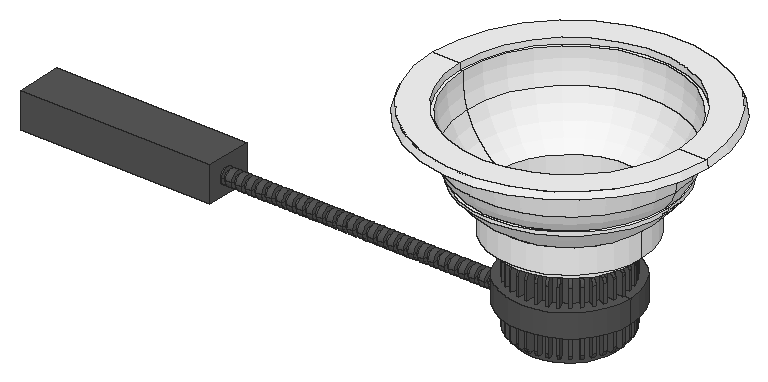
Revit family "LBRP-8RD", category Lighting Fixtures, host Face, Revit 2021
Family settings
  Host = Face
  Round Connector Dimension = Use Diameter
  Part Type = Normal
  OmniClass Number = 23.80.70.11.14.17
  OmniClass Title = Direct/Indirect
  Cut with Voids When Loaded = No
  Light Source = Yes
  Shared = Yes
  Room Calculation Point = No
Parameters (values of type "LBRP-8RD")
  Heat Sink = Black
  A = 7.15"
  Wattage = 31.6 W
  Warranty = "5-Years Warranty"
  built-in parameter 1150110 = 1 (stored number, unit not read)
  Voltage = 120 V
  D = 6.65"
  C = 0.20"
  built-in parameter 1114217 = 1 (stored number, unit not read)
  Tilt Angle = -90.00°
  built-in parameter 1150109 = 1 (stored number, unit not read)
  built-in parameter 1150134 = (empty or 0)
  built-in parameter 1150113 = 1 (stored number, unit not read)
  Product Documentation Link = ""
  Power Factor = 0.9
  Photometric Web Link = ""
  Photometric Web File = "LBRP-M-LSHL30K9_LBRP-8RD-T-D_3000lm.IES"
  Photometric Notes = "More IES files download on Photometric Web Link"  # constant formula
  zz Length 1 = 48.00"
  Wattage Comments = " 9.6 - 55 W"  # constant formula
  URL = "https://www.currentlighting.com/prescolite"
  Product Page URL = ""
  Model = "LBRP"  # constant formula
  Manufacturer = "Prescolite Lighting"  # constant formula
  built-in parameter 1150105 = 251.46 (stored number, unit not read)
  Lumens = 3160 lm
  built-in parameter 1150115 = 1 (stored number, unit not read)
  Load Classification = Lighting
  built-in parameter 1150137 = (empty or 0)
  built-in parameter 1150139 = (empty or 0)
  built-in parameter 1150112 = 1 (stored number, unit not read)
  built-in parameter 1150114 = 1 (stored number, unit not read)
  Lamp = "LED's"  # constant formula
  built-in parameter 1150132 = (empty or 0)
  built-in parameter 1150102 = (empty or 0)
  built-in parameter 1150107 = 3500 (stored number, unit not read)
  built-in parameter 1150138 = (empty or 0)
  built-in parameter 1150106 = 2.5146 (stored number, unit not read)
  Glass = White Glass
  Emit from Circle Diameter = 7.50"
  Emit Shape Visible in Rendering = no
  built-in parameter 1150104 = 9.2903 (stored number, unit not read)
  Dimming Lamp Color Temperature Shift = <None>
  Description = "PRO CANLESS DIRECT INSTALL DOWNLIGHT\r"  # constant formula
  Default Elevation = 48.00"
  Contact Us = ""
  Color Filter = 16777215
  built-in parameter 1114218 = 1 (stored number, unit not read)
  Housing Material = Paint - Matte White
  B = 9.10"
  built-in parameter 1150133 = 10 (stored number, unit not read)
  Assembly Code = "D5020200"
  Apparent Load = 11.5 VA
Reference planes (in)
  plane 1 "Center (Front/Back)": y = 13.01342
  plane 2: z = 0
  plane 3 "Center (Left/Right)": x = 0
  plane 4: z = 0.2
  plane 5: z = -6.45
  plane 6: x = 4.55
  plane 7: x = -4.55
  plane 8: x = -3.575
  plane 9: x = 3.575
Forms (in)
  Revolve 1, solid, material "Paint - Matte White" <- "Housing Material"
    sketch origin (0, 13.01342, 0) x (1, 0, 0) y (0, 0, 1)
      loop
        arc (3.47009, 0) -> (3.47106, -0.54731) -> (3.35787, -1.08278) r 2.60995
        arc (3.35787, -1.08278) -> (2.93439, -1.88164) -> (2.26374, -2.48807) r 2.60995
        line (2.26374, -2.48807) -> (2.26374, -3.31765) -> (2.01374, -3.31765) -> (2.01374, -3.52856) -> (0, -3.52856) -> (0, -3.64572) -> (2.11374, -3.64572) -> (2.11374, -3.41765) -> (2.36374, -3.41765) -> (2.36374, -2.60515)
        arc (2.36374, -2.60515) -> (2.80436, -2.24377) -> (3.15966, -1.79823) r 2.70995
        line (3.15966, -1.79823) -> (3.20678, -1.79823) -> (3.20678, -1.69035) -> (3.12368, -1.69035)
        arc (3.12368, -1.69035) -> (3.31807, -1.41895) -> (3.453, -1.11361) r 1.62762
        arc (3.453, -1.11361) -> (3.56997, -0.56295) -> (3.57065, 0) r 2.70995
        line (3.57065, 0) -> (3.47009, 0)
      axis (0, 0) -> (0, -3.64572)
    angle from 0 to 360
  Revolve 2, solid, material "Paint - Matte White" <- "Housing Material"
    sketch origin (0, 13.01342, 0) x (1, 0, 0) y (0, 0, 1)
      loop
        line (3.575, 0.2) -> (3.575, 0) -> (4.55, 0) -> (4.45674, 0.2) -> (3.575, 0.2)
      axis (0, 0.2) -> (0, 0)
    angle from 0 to 360
  Revolve 3, solid, material "Black" <- "Heat Sink"
    sketch origin (0, 13.01342, 0) x (1, 0, 0) y (0, 0, 1)
      loop
        line (1.50583, -3.64783) -> (0.86374, -3.64783) -> (0, -3.64783) -> (0, -6.45) -> (1.50583, -6.45) -> (1.50583, -5.46486) -> (2.00583, -5.46486) -> (2.00583, -4.71486) -> (1.50583, -4.71486) -> (1.50583, -3.64783)
      axis (0, -3.64783) -> (0, -6.45)
    angle from 0 to 360
  Extrusion 4, solid, material "Black" <- "Heat Sink"
    sketch origin (-1.46875, 13.01342, 0) x (1, 0, 0) y (0, 0, 1)
      loop
        line (2.88083, -4.71486) -> (3.25583, -4.71486) -> (3.25583, -4.12939)
        arc (3.25583, -4.12939) -> (3.20764, -4.01305) -> (3.0913, -3.96486) r 0.16453
        line (3.0913, -3.96486) -> (2.88083, -3.96486) -> (2.88083, -4.71486)
      loop
        line (2.88083, -5.46434) -> (2.88083, -6.27684) -> (3.0913, -6.27684)
        arc (3.0913, -6.27684) -> (3.20764, -6.22865) -> (3.25583, -6.11231) r 0.16453
        line (3.25583, -6.11231) -> (3.25583, -5.46434) -> (2.88083, -5.46434)
    from -0.0248 to 0.04965
  Extrusion 5, solid, material "Black" <- "Heat Sink"
    sketch origin (0, 13.01342, 0) x (0.984808, -0.173648, 0) y (0, 0, 1)
      loop
        line (1.38083, -4.71486) -> (1.75583, -4.71486) -> (1.75583, -4.12939)
        arc (1.75583, -4.12939) -> (1.70764, -4.01305) -> (1.5913, -3.96486) r 0.16453
        line (1.5913, -3.96486) -> (1.38083, -3.96486) -> (1.38083, -4.71486)
      loop
        line (1.38083, -5.46434) -> (1.38083, -6.27684) -> (1.5913, -6.27684)
        arc (1.5913, -6.27684) -> (1.70764, -6.22865) -> (1.75583, -6.11231) r 0.16453
        line (1.75583, -6.11231) -> (1.75583, -5.46434) -> (1.38083, -5.46434)
    from -0.0248 to 0.04965
  Extrusion 6, solid, material "Black" <- "Heat Sink"
    sketch origin (0, 13.01342, 0) x (0.939693, -0.34202, 0) y (0, 0, 1)
      loop
        line (1.38083, -4.71486) -> (1.75583, -4.71486) -> (1.75583, -4.12939)
        arc (1.75583, -4.12939) -> (1.70764, -4.01305) -> (1.5913, -3.96486) r 0.16453
        line (1.5913, -3.96486) -> (1.38083, -3.96486) -> (1.38083, -4.71486)
      loop
        line (1.38083, -5.46434) -> (1.38083, -6.27684) -> (1.5913, -6.27684)
        arc (1.5913, -6.27684) -> (1.70764, -6.22865) -> (1.75583, -6.11231) r 0.16453
        line (1.75583, -6.11231) -> (1.75583, -5.46434) -> (1.38083, -5.46434)
    from -0.0248 to 0.04965
  Extrusion 7, solid, material "Black" <- "Heat Sink"
    sketch origin (0, 13.01342, 0) x (0.866025, -0.5, 0) y (0, 0, 1)
      loop
        line (1.38083, -4.71486) -> (1.75583, -4.71486) -> (1.75583, -4.12939)
        arc (1.75583, -4.12939) -> (1.70764, -4.01305) -> (1.5913, -3.96486) r 0.16453
        line (1.5913, -3.96486) -> (1.38083, -3.96486) -> (1.38083, -4.71486)
      loop
        line (1.38083, -5.46434) -> (1.38083, -6.27684) -> (1.5913, -6.27684)
        arc (1.5913, -6.27684) -> (1.70764, -6.22865) -> (1.75583, -6.11231) r 0.16453
        line (1.75583, -6.11231) -> (1.75583, -5.46434) -> (1.38083, -5.46434)
    from -0.0248 to 0.04965
  Extrusion 8, solid, material "Black" <- "Heat Sink"
    sketch origin (0, 13.01342, 0) x (0.766044, -0.642788, 0) y (0, 0, 1)
      loop
        line (1.38083, -4.71486) -> (1.75583, -4.71486) -> (1.75583, -4.12939)
        arc (1.75583, -4.12939) -> (1.70764, -4.01305) -> (1.5913, -3.96486) r 0.16453
        line (1.5913, -3.96486) -> (1.38083, -3.96486) -> (1.38083, -4.71486)
      loop
        line (1.38083, -5.46434) -> (1.38083, -6.27684) -> (1.5913, -6.27684)
        arc (1.5913, -6.27684) -> (1.70764, -6.22865) -> (1.75583, -6.11231) r 0.16453
        line (1.75583, -6.11231) -> (1.75583, -5.46434) -> (1.38083, -5.46434)
    from -0.0248 to 0.04965
  Extrusion 9, solid, material "Black" <- "Heat Sink"
    sketch origin (0, 13.01342, 0) x (0.642788, -0.766044, 0) y (0, 0, 1)
      loop
        line (1.38083, -4.71486) -> (1.75583, -4.71486) -> (1.75583, -4.12939)
        arc (1.75583, -4.12939) -> (1.70764, -4.01305) -> (1.5913, -3.96486) r 0.16453
        line (1.5913, -3.96486) -> (1.38083, -3.96486) -> (1.38083, -4.71486)
      loop
        line (1.38083, -5.46434) -> (1.38083, -6.27684) -> (1.5913, -6.27684)
        arc (1.5913, -6.27684) -> (1.70764, -6.22865) -> (1.75583, -6.11231) r 0.16453
        line (1.75583, -6.11231) -> (1.75583, -5.46434) -> (1.38083, -5.46434)
    from -0.0248 to 0.04965
  Extrusion 10, solid, material "Black" <- "Heat Sink"
    sketch origin (0, 13.01342, 0) x (0.5, -0.866025, 0) y (0, 0, 1)
      loop
        line (1.38083, -4.71486) -> (1.75583, -4.71486) -> (1.75583, -4.12939)
        arc (1.75583, -4.12939) -> (1.70764, -4.01305) -> (1.5913, -3.96486) r 0.16453
        line (1.5913, -3.96486) -> (1.38083, -3.96486) -> (1.38083, -4.71486)
      loop
        line (1.38083, -5.46434) -> (1.38083, -6.27684) -> (1.5913, -6.27684)
        arc (1.5913, -6.27684) -> (1.70764, -6.22865) -> (1.75583, -6.11231) r 0.16453
        line (1.75583, -6.11231) -> (1.75583, -5.46434) -> (1.38083, -5.46434)
    from -0.0248 to 0.04965
  Extrusion 11, solid, material "Black" <- "Heat Sink"
    sketch origin (0, 13.01342, 0) x (0.34202, -0.939693, 0) y (0, 0, 1)
      loop
        line (1.38083, -4.71486) -> (1.75583, -4.71486) -> (1.75583, -4.12939)
        arc (1.75583, -4.12939) -> (1.70764, -4.01305) -> (1.5913, -3.96486) r 0.16453
        line (1.5913, -3.96486) -> (1.38083, -3.96486) -> (1.38083, -4.71486)
      loop
        line (1.38083, -5.46434) -> (1.38083, -6.27684) -> (1.5913, -6.27684)
        arc (1.5913, -6.27684) -> (1.70764, -6.22865) -> (1.75583, -6.11231) r 0.16453
        line (1.75583, -6.11231) -> (1.75583, -5.46434) -> (1.38083, -5.46434)
    from -0.0248 to 0.04965
  Extrusion 12, solid, material "Black" <- "Heat Sink"
    sketch origin (0, 13.01342, 0) x (0.173648, -0.984808, 0) y (0, 0, 1)
      loop
        line (1.38083, -4.71486) -> (1.75583, -4.71486) -> (1.75583, -4.12939)
        arc (1.75583, -4.12939) -> (1.70764, -4.01305) -> (1.5913, -3.96486) r 0.16453
        line (1.5913, -3.96486) -> (1.38083, -3.96486) -> (1.38083, -4.71486)
      loop
        line (1.38083, -5.46434) -> (1.38083, -6.27684) -> (1.5913, -6.27684)
        arc (1.5913, -6.27684) -> (1.70764, -6.22865) -> (1.75583, -6.11231) r 0.16453
        line (1.75583, -6.11231) -> (1.75583, -5.46434) -> (1.38083, -5.46434)
    from -0.0248 to 0.04965
  Extrusion 13, solid, material "Black" <- "Heat Sink"
    sketch origin (0, 13.01342, 0) x (0, -1, 0) y (0, 0, 1)
      loop
        line (1.38083, -4.71486) -> (1.75583, -4.71486) -> (1.75583, -4.12939)
        arc (1.75583, -4.12939) -> (1.70764, -4.01305) -> (1.5913, -3.96486) r 0.16453
        line (1.5913, -3.96486) -> (1.38083, -3.96486) -> (1.38083, -4.71486)
      loop
        line (1.38083, -5.46434) -> (1.38083, -6.27684) -> (1.5913, -6.27684)
        arc (1.5913, -6.27684) -> (1.70764, -6.22865) -> (1.75583, -6.11231) r 0.16453
        line (1.75583, -6.11231) -> (1.75583, -5.46434) -> (1.38083, -5.46434)
    from -0.0248 to 0.04965
  Extrusion 14, solid, material "Black" <- "Heat Sink"
    sketch origin (0, 13.01342, 0) x (-0.173648, -0.984808, 0) y (0, 0, 1)
      loop
        line (1.38083, -4.71486) -> (1.75583, -4.71486) -> (1.75583, -4.12939)
        arc (1.75583, -4.12939) -> (1.70764, -4.01305) -> (1.5913, -3.96486) r 0.16453
        line (1.5913, -3.96486) -> (1.38083, -3.96486) -> (1.38083, -4.71486)
      loop
        line (1.38083, -5.46434) -> (1.38083, -6.27684) -> (1.5913, -6.27684)
        arc (1.5913, -6.27684) -> (1.70764, -6.22865) -> (1.75583, -6.11231) r 0.16453
        line (1.75583, -6.11231) -> (1.75583, -5.46434) -> (1.38083, -5.46434)
    from -0.0248 to 0.04965
  Extrusion 15, solid, material "Black" <- "Heat Sink"
    sketch origin (0, 13.01342, 0) x (-0.34202, -0.939693, 0) y (0, 0, 1)
      loop
        line (1.38083, -4.71486) -> (1.75583, -4.71486) -> (1.75583, -4.12939)
        arc (1.75583, -4.12939) -> (1.70764, -4.01305) -> (1.5913, -3.96486) r 0.16453
        line (1.5913, -3.96486) -> (1.38083, -3.96486) -> (1.38083, -4.71486)
      loop
        line (1.38083, -5.46434) -> (1.38083, -6.27684) -> (1.5913, -6.27684)
        arc (1.5913, -6.27684) -> (1.70764, -6.22865) -> (1.75583, -6.11231) r 0.16453
        line (1.75583, -6.11231) -> (1.75583, -5.46434) -> (1.38083, -5.46434)
    from -0.0248 to 0.04965
  Extrusion 16, solid, material "Black" <- "Heat Sink"
    sketch origin (0, 13.01342, 0) x (-0.5, -0.866025, 0) y (0, 0, 1)
      loop
        line (1.38083, -4.71486) -> (1.75583, -4.71486) -> (1.75583, -4.12939)
        arc (1.75583, -4.12939) -> (1.70764, -4.01305) -> (1.5913, -3.96486) r 0.16453
        line (1.5913, -3.96486) -> (1.38083, -3.96486) -> (1.38083, -4.71486)
      loop
        line (1.38083, -5.46434) -> (1.38083, -6.27684) -> (1.5913, -6.27684)
        arc (1.5913, -6.27684) -> (1.70764, -6.22865) -> (1.75583, -6.11231) r 0.16453
        line (1.75583, -6.11231) -> (1.75583, -5.46434) -> (1.38083, -5.46434)
    from -0.0248 to 0.04965
  Extrusion 17, solid, material "Black" <- "Heat Sink"
    sketch origin (0, 13.01342, 0) x (-0.642788, -0.766044, 0) y (0, 0, 1)
      loop
        line (1.38083, -4.71486) -> (1.75583, -4.71486) -> (1.75583, -4.12939)
        arc (1.75583, -4.12939) -> (1.70764, -4.01305) -> (1.5913, -3.96486) r 0.16453
        line (1.5913, -3.96486) -> (1.38083, -3.96486) -> (1.38083, -4.71486)
      loop
        line (1.38083, -5.46434) -> (1.38083, -6.27684) -> (1.5913, -6.27684)
        arc (1.5913, -6.27684) -> (1.70764, -6.22865) -> (1.75583, -6.11231) r 0.16453
        line (1.75583, -6.11231) -> (1.75583, -5.46434) -> (1.38083, -5.46434)
    from -0.0248 to 0.04965
  Extrusion 18, solid, material "Black" <- "Heat Sink"
    sketch origin (0, 13.01342, 0) x (-0.766044, -0.642788, 0) y (0, 0, 1)
      loop
        line (1.38083, -4.71486) -> (1.75583, -4.71486) -> (1.75583, -4.12939)
        arc (1.75583, -4.12939) -> (1.70764, -4.01305) -> (1.5913, -3.96486) r 0.16453
        line (1.5913, -3.96486) -> (1.38083, -3.96486) -> (1.38083, -4.71486)
      loop
        line (1.38083, -5.46434) -> (1.38083, -6.27684) -> (1.5913, -6.27684)
        arc (1.5913, -6.27684) -> (1.70764, -6.22865) -> (1.75583, -6.11231) r 0.16453
        line (1.75583, -6.11231) -> (1.75583, -5.46434) -> (1.38083, -5.46434)
    from -0.0248 to 0.04965
  Extrusion 19, solid, material "Black" <- "Heat Sink"
    sketch origin (0, 13.01342, 0) x (-0.866025, -0.5, 0) y (0, 0, 1)
      loop
        line (1.38083, -4.71486) -> (1.75583, -4.71486) -> (1.75583, -4.12939)
        arc (1.75583, -4.12939) -> (1.70764, -4.01305) -> (1.5913, -3.96486) r 0.16453
        line (1.5913, -3.96486) -> (1.38083, -3.96486) -> (1.38083, -4.71486)
      loop
        line (1.38083, -5.46434) -> (1.38083, -6.27684) -> (1.5913, -6.27684)
        arc (1.5913, -6.27684) -> (1.70764, -6.22865) -> (1.75583, -6.11231) r 0.16453
        line (1.75583, -6.11231) -> (1.75583, -5.46434) -> (1.38083, -5.46434)
    from -0.0248 to 0.04965
  Extrusion 20, solid, material "Black" <- "Heat Sink"
    sketch origin (1.46875, 13.01342, 0) x (-1, 0, 0) y (0, 0, -1)
      loop
        line (2.88083, 4.71486) -> (2.88083, 3.96486) -> (3.0913, 3.96486)
        arc (3.0913, 3.96486) -> (3.20764, 4.01305) -> (3.25583, 4.12939) r 0.16453
        line (3.25583, 4.12939) -> (3.25583, 4.71486) -> (2.88083, 4.71486)
      loop
        line (2.88083, 5.46434) -> (3.25583, 5.46434) -> (3.25583, 6.11231)
        arc (3.25583, 6.11231) -> (3.20764, 6.22865) -> (3.0913, 6.27684) r 0.16453
        line (3.0913, 6.27684) -> (2.88083, 6.27684) -> (2.88083, 5.46434)
    from -0.0248 to 0.04965
  Extrusion 21, solid, material "Black" <- "Heat Sink"
    sketch origin (0, 13.01342, 0) x (-0.984808, -0.173648, 0) y (0, 0, -1)
      loop
        line (1.38083, 4.71486) -> (1.38083, 3.96486) -> (1.5913, 3.96486)
        arc (1.5913, 3.96486) -> (1.70764, 4.01305) -> (1.75583, 4.12939) r 0.16453
        line (1.75583, 4.12939) -> (1.75583, 4.71486) -> (1.38083, 4.71486)
      loop
        line (1.38083, 5.46434) -> (1.75583, 5.46434) -> (1.75583, 6.11231)
        arc (1.75583, 6.11231) -> (1.70764, 6.22865) -> (1.5913, 6.27684) r 0.16453
        line (1.5913, 6.27684) -> (1.38083, 6.27684) -> (1.38083, 5.46434)
    from -0.0248 to 0.04965
  Extrusion 22, solid, material "Black" <- "Heat Sink"
    sketch origin (0, 13.01342, 0) x (-0.939693, -0.34202, 0) y (0, 0, -1)
      loop
        line (1.38083, 4.71486) -> (1.38083, 3.96486) -> (1.5913, 3.96486)
        arc (1.5913, 3.96486) -> (1.70764, 4.01305) -> (1.75583, 4.12939) r 0.16453
        line (1.75583, 4.12939) -> (1.75583, 4.71486) -> (1.38083, 4.71486)
      loop
        line (1.38083, 5.46434) -> (1.75583, 5.46434) -> (1.75583, 6.11231)
        arc (1.75583, 6.11231) -> (1.70764, 6.22865) -> (1.5913, 6.27684) r 0.16453
        line (1.5913, 6.27684) -> (1.38083, 6.27684) -> (1.38083, 5.46434)
    from -0.0248 to 0.04965
  Extrusion 23, solid, material "Black" <- "Heat Sink"
    sketch origin (0, 13.01342, 0) x (0.984808, 0.173648, 0) y (0, 0, -1)
      loop
        line (1.38083, 4.71486) -> (1.38083, 3.96486) -> (1.5913, 3.96486)
        arc (1.5913, 3.96486) -> (1.70764, 4.01305) -> (1.75583, 4.12939) r 0.16453
        line (1.75583, 4.12939) -> (1.75583, 4.71486) -> (1.38083, 4.71486)
      loop
        line (1.38083, 5.46434) -> (1.75583, 5.46434) -> (1.75583, 6.11231)
        arc (1.75583, 6.11231) -> (1.70764, 6.22865) -> (1.5913, 6.27684) r 0.16453
        line (1.5913, 6.27684) -> (1.38083, 6.27684) -> (1.38083, 5.46434)
    from -0.0248 to 0.04965
  Extrusion 24, solid, material "Black" <- "Heat Sink"
    sketch origin (0, 13.01342, 0) x (0.939693, 0.34202, 0) y (0, 0, -1)
      loop
        line (1.38083, 4.71486) -> (1.38083, 3.96486) -> (1.5913, 3.96486)
        arc (1.5913, 3.96486) -> (1.70764, 4.01305) -> (1.75583, 4.12939) r 0.16453
        line (1.75583, 4.12939) -> (1.75583, 4.71486) -> (1.38083, 4.71486)
      loop
        line (1.38083, 5.46434) -> (1.75583, 5.46434) -> (1.75583, 6.11231)
        arc (1.75583, 6.11231) -> (1.70764, 6.22865) -> (1.5913, 6.27684) r 0.16453
        line (1.5913, 6.27684) -> (1.38083, 6.27684) -> (1.38083, 5.46434)
    from -0.0248 to 0.04965
  Extrusion 25, solid, material "Black" <- "Heat Sink"
    sketch origin (0, 13.01342, 0) x (0.866025, 0.5, 0) y (0, 0, -1)
      loop
        line (1.38083, 4.71486) -> (1.38083, 3.96486) -> (1.5913, 3.96486)
        arc (1.5913, 3.96486) -> (1.70764, 4.01305) -> (1.75583, 4.12939) r 0.16453
        line (1.75583, 4.12939) -> (1.75583, 4.71486) -> (1.38083, 4.71486)
      loop
        line (1.38083, 5.46434) -> (1.75583, 5.46434) -> (1.75583, 6.11231)
        arc (1.75583, 6.11231) -> (1.70764, 6.22865) -> (1.5913, 6.27684) r 0.16453
        line (1.5913, 6.27684) -> (1.38083, 6.27684) -> (1.38083, 5.46434)
    from -0.0248 to 0.04965
  Extrusion 26, solid, material "Black" <- "Heat Sink"
    sketch origin (0, 13.01342, 0) x (0.766044, 0.642788, 0) y (0, 0, -1)
      loop
        line (1.38083, 4.71486) -> (1.38083, 3.96486) -> (1.5913, 3.96486)
        arc (1.5913, 3.96486) -> (1.70764, 4.01305) -> (1.75583, 4.12939) r 0.16453
        line (1.75583, 4.12939) -> (1.75583, 4.71486) -> (1.38083, 4.71486)
      loop
        line (1.38083, 5.46434) -> (1.75583, 5.46434) -> (1.75583, 6.11231)
        arc (1.75583, 6.11231) -> (1.70764, 6.22865) -> (1.5913, 6.27684) r 0.16453
        line (1.5913, 6.27684) -> (1.38083, 6.27684) -> (1.38083, 5.46434)
    from -0.0248 to 0.04965
  Extrusion 27, solid, material "Black" <- "Heat Sink"
    sketch origin (0, 13.01342, 0) x (0.642788, 0.766044, 0) y (0, 0, -1)
      loop
        line (1.38083, 4.71486) -> (1.38083, 3.96486) -> (1.5913, 3.96486)
        arc (1.5913, 3.96486) -> (1.70764, 4.01305) -> (1.75583, 4.12939) r 0.16453
        line (1.75583, 4.12939) -> (1.75583, 4.71486) -> (1.38083, 4.71486)
      loop
        line (1.38083, 5.46434) -> (1.75583, 5.46434) -> (1.75583, 6.11231)
        arc (1.75583, 6.11231) -> (1.70764, 6.22865) -> (1.5913, 6.27684) r 0.16453
        line (1.5913, 6.27684) -> (1.38083, 6.27684) -> (1.38083, 5.46434)
    from -0.0248 to 0.04965
  Extrusion 28, solid, material "Black" <- "Heat Sink"
    sketch origin (0, 13.01342, 0) x (0.5, 0.866025, 0) y (0, 0, -1)
      loop
        line (1.38083, 4.71486) -> (1.38083, 3.96486) -> (1.5913, 3.96486)
        arc (1.5913, 3.96486) -> (1.70764, 4.01305) -> (1.75583, 4.12939) r 0.16453
        line (1.75583, 4.12939) -> (1.75583, 4.71486) -> (1.38083, 4.71486)
      loop
        line (1.38083, 5.46434) -> (1.75583, 5.46434) -> (1.75583, 6.11231)
        arc (1.75583, 6.11231) -> (1.70764, 6.22865) -> (1.5913, 6.27684) r 0.16453
        line (1.5913, 6.27684) -> (1.38083, 6.27684) -> (1.38083, 5.46434)
    from -0.0248 to 0.04965
  Extrusion 29, solid, material "Black" <- "Heat Sink"
    sketch origin (0, 13.01342, 0) x (0.34202, 0.939693, 0) y (0, 0, -1)
      loop
        line (1.38083, 4.71486) -> (1.38083, 3.96486) -> (1.5913, 3.96486)
        arc (1.5913, 3.96486) -> (1.70764, 4.01305) -> (1.75583, 4.12939) r 0.16453
        line (1.75583, 4.12939) -> (1.75583, 4.71486) -> (1.38083, 4.71486)
      loop
        line (1.38083, 5.46434) -> (1.75583, 5.46434) -> (1.75583, 6.11231)
        arc (1.75583, 6.11231) -> (1.70764, 6.22865) -> (1.5913, 6.27684) r 0.16453
        line (1.5913, 6.27684) -> (1.38083, 6.27684) -> (1.38083, 5.46434)
    from -0.0248 to 0.04965
  Extrusion 30, solid, material "Black" <- "Heat Sink"
    sketch origin (0, 13.01342, 0) x (0.173648, 0.984808, 0) y (0, 0, -1)
      loop
        line (1.38083, 4.71486) -> (1.38083, 3.96486) -> (1.5913, 3.96486)
        arc (1.5913, 3.96486) -> (1.70764, 4.01305) -> (1.75583, 4.12939) r 0.16453
        line (1.75583, 4.12939) -> (1.75583, 4.71486) -> (1.38083, 4.71486)
      loop
        line (1.38083, 5.46434) -> (1.75583, 5.46434) -> (1.75583, 6.11231)
        arc (1.75583, 6.11231) -> (1.70764, 6.22865) -> (1.5913, 6.27684) r 0.16453
        line (1.5913, 6.27684) -> (1.38083, 6.27684) -> (1.38083, 5.46434)
    from -0.0248 to 0.04965
  Extrusion 31, solid, material "Black" <- "Heat Sink"
    sketch origin (0, 13.01342, 0) x (0, 1, 0) y (0, 0, -1)
      loop
        line (1.38083, 4.71486) -> (1.38083, 3.96486) -> (1.5913, 3.96486)
        arc (1.5913, 3.96486) -> (1.70764, 4.01305) -> (1.75583, 4.12939) r 0.16453
        line (1.75583, 4.12939) -> (1.75583, 4.71486) -> (1.38083, 4.71486)
      loop
        line (1.38083, 5.46434) -> (1.75583, 5.46434) -> (1.75583, 6.11231)
        arc (1.75583, 6.11231) -> (1.70764, 6.22865) -> (1.5913, 6.27684) r 0.16453
        line (1.5913, 6.27684) -> (1.38083, 6.27684) -> (1.38083, 5.46434)
    from -0.0248 to 0.04965
  Extrusion 32, solid, material "Black" <- "Heat Sink"
    sketch origin (0, 13.01342, 0) x (-0.173648, 0.984808, 0) y (0, 0, -1)
      loop
        line (1.38083, 4.71486) -> (1.38083, 3.96486) -> (1.5913, 3.96486)
        arc (1.5913, 3.96486) -> (1.70764, 4.01305) -> (1.75583, 4.12939) r 0.16453
        line (1.75583, 4.12939) -> (1.75583, 4.71486) -> (1.38083, 4.71486)
      loop
        line (1.38083, 5.46434) -> (1.75583, 5.46434) -> (1.75583, 6.11231)
        arc (1.75583, 6.11231) -> (1.70764, 6.22865) -> (1.5913, 6.27684) r 0.16453
        line (1.5913, 6.27684) -> (1.38083, 6.27684) -> (1.38083, 5.46434)
    from -0.0248 to 0.04965
  Extrusion 33, solid, material "Black" <- "Heat Sink"
    sketch origin (0, 13.01342, 0) x (-0.34202, 0.939693, 0) y (0, 0, -1)
      loop
        line (1.38083, 4.71486) -> (1.38083, 3.96486) -> (1.5913, 3.96486)
        arc (1.5913, 3.96486) -> (1.70764, 4.01305) -> (1.75583, 4.12939) r 0.16453
        line (1.75583, 4.12939) -> (1.75583, 4.71486) -> (1.38083, 4.71486)
      loop
        line (1.38083, 5.46434) -> (1.75583, 5.46434) -> (1.75583, 6.11231)
        arc (1.75583, 6.11231) -> (1.70764, 6.22865) -> (1.5913, 6.27684) r 0.16453
        line (1.5913, 6.27684) -> (1.38083, 6.27684) -> (1.38083, 5.46434)
    from -0.0248 to 0.04965
  Extrusion 34, solid, material "Black" <- "Heat Sink"
    sketch origin (0, 13.01342, 0) x (-0.5, 0.866025, 0) y (0, 0, -1)
      loop
        line (1.38083, 4.71486) -> (1.38083, 3.96486) -> (1.5913, 3.96486)
        arc (1.5913, 3.96486) -> (1.70764, 4.01305) -> (1.75583, 4.12939) r 0.16453
        line (1.75583, 4.12939) -> (1.75583, 4.71486) -> (1.38083, 4.71486)
      loop
        line (1.38083, 5.46434) -> (1.75583, 5.46434) -> (1.75583, 6.11231)
        arc (1.75583, 6.11231) -> (1.70764, 6.22865) -> (1.5913, 6.27684) r 0.16453
        line (1.5913, 6.27684) -> (1.38083, 6.27684) -> (1.38083, 5.46434)
    from -0.0248 to 0.04965
  Extrusion 35, solid, material "Black" <- "Heat Sink"
    sketch origin (0, 13.01342, 0) x (-0.642788, 0.766044, 0) y (0, 0, -1)
      loop
        line (1.38083, 4.71486) -> (1.38083, 3.96486) -> (1.5913, 3.96486)
        arc (1.5913, 3.96486) -> (1.70764, 4.01305) -> (1.75583, 4.12939) r 0.16453
        line (1.75583, 4.12939) -> (1.75583, 4.71486) -> (1.38083, 4.71486)
      loop
        line (1.38083, 5.46434) -> (1.75583, 5.46434) -> (1.75583, 6.11231)
        arc (1.75583, 6.11231) -> (1.70764, 6.22865) -> (1.5913, 6.27684) r 0.16453
        line (1.5913, 6.27684) -> (1.38083, 6.27684) -> (1.38083, 5.46434)
    from -0.0248 to 0.04965
  Extrusion 36, solid, material "Black" <- "Heat Sink"
    sketch origin (0, 13.01342, 0) x (-0.766044, 0.642788, 0) y (0, 0, -1)
      loop
        line (1.38083, 4.71486) -> (1.38083, 3.96486) -> (1.5913, 3.96486)
        arc (1.5913, 3.96486) -> (1.70764, 4.01305) -> (1.75583, 4.12939) r 0.16453
        line (1.75583, 4.12939) -> (1.75583, 4.71486) -> (1.38083, 4.71486)
      loop
        line (1.38083, 5.46434) -> (1.75583, 5.46434) -> (1.75583, 6.11231)
        arc (1.75583, 6.11231) -> (1.70764, 6.22865) -> (1.5913, 6.27684) r 0.16453
        line (1.5913, 6.27684) -> (1.38083, 6.27684) -> (1.38083, 5.46434)
    from -0.0248 to 0.04965
  Extrusion 37, solid, material "Black" <- "Heat Sink"
    sketch origin (0, 13.01342, 0) x (-0.866025, 0.5, 0) y (0, 0, -1)
      loop
        line (1.38083, 4.71486) -> (1.38083, 3.96486) -> (1.5913, 3.96486)
        arc (1.5913, 3.96486) -> (1.70764, 4.01305) -> (1.75583, 4.12939) r 0.16453
        line (1.75583, 4.12939) -> (1.75583, 4.71486) -> (1.38083, 4.71486)
      loop
        line (1.38083, 5.46434) -> (1.75583, 5.46434) -> (1.75583, 6.11231)
        arc (1.75583, 6.11231) -> (1.70764, 6.22865) -> (1.5913, 6.27684) r 0.16453
        line (1.5913, 6.27684) -> (1.38083, 6.27684) -> (1.38083, 5.46434)
    from -0.0248 to 0.04965
  Extrusion 38, solid, material "Black" <- "Heat Sink"
    sketch origin (0, 13.01342, 0) x (-0.984808, 0.173648, 0) y (0, 0, 1)
      loop
        line (1.38083, -4.71486) -> (1.75583, -4.71486) -> (1.75583, -4.12939)
        arc (1.75583, -4.12939) -> (1.70764, -4.01305) -> (1.5913, -3.96486) r 0.16453
        line (1.5913, -3.96486) -> (1.38083, -3.96486) -> (1.38083, -4.71486)
      loop
        line (1.38083, -5.46434) -> (1.38083, -6.27684) -> (1.5913, -6.27684)
        arc (1.5913, -6.27684) -> (1.70764, -6.22865) -> (1.75583, -6.11231) r 0.16453
        line (1.75583, -6.11231) -> (1.75583, -5.46434) -> (1.38083, -5.46434)
    from -0.0248 to 0.04965
  Extrusion 39, solid, material "Black" <- "Heat Sink"
    sketch origin (0, 13.01342, 0) x (-0.939693, 0.34202, 0) y (0, 0, 1)
      loop
        line (1.38083, -4.71486) -> (1.75583, -4.71486) -> (1.75583, -4.12939)
        arc (1.75583, -4.12939) -> (1.70764, -4.01305) -> (1.5913, -3.96486) r 0.16453
        line (1.5913, -3.96486) -> (1.38083, -3.96486) -> (1.38083, -4.71486)
      loop
        line (1.38083, -5.46434) -> (1.38083, -6.27684) -> (1.5913, -6.27684)
        arc (1.5913, -6.27684) -> (1.70764, -6.22865) -> (1.75583, -6.11231) r 0.16453
        line (1.75583, -6.11231) -> (1.75583, -5.46434) -> (1.38083, -5.46434)
    from -0.0248 to 0.04965
  Revolve 40, solid, material "Black" <- "Heat Sink"
    sketch origin (2.625, 0, -5.75) x (1, 0, 0) y (0, 1, 0)
      loop
        line (-13.95674, 13.01342) -> (-4.38494, 13.01342) -> (-4.38494, 13.16148) -> (-4.48144, 13.16148) -> (-4.48144, 13.26342) -> (-4.6692, 13.26342) -> (-4.6692, 13.16148) -> (-4.86136, 13.16148) -> (-4.86136, 13.26342) -> (-5.04911, 13.26342) -> (-5.04911, 13.16148) -> (-5.19127, 13.16148) -> (-5.19127, 13.26342) -> (-5.37902, 13.26342) -> (-5.37902, 13.16148) -> (-5.52118, 13.16148) -> (-5.52118, 13.26342) -> (-5.70894, 13.26342) -> (-5.70894, 13.16148) -> (-5.85109, 13.16148) -> (-5.85109, 13.26342) -> (-6.03885, 13.26342) -> (-6.03885, 13.16148) -> (-6.18101, 13.16148) -> (-6.18101, 13.26342) -> (-6.36876, 13.26342) -> (-6.36876, 13.16148) -> (-6.51092, 13.16148) -> (-6.51092, 13.26342) -> (-6.69867, 13.26342) -> (-6.69867, 13.16148) -> (-6.84083, 13.16148) -> (-6.84083, 13.26342) -> (-7.02859, 13.26342) -> (-7.02859, 13.16148) -> (-7.17074, 13.16148) -> (-7.17074, 13.26342) -> (-7.3585, 13.26342) -> (-7.3585, 13.16148) -> (-7.50065, 13.16148) -> (-7.50065, 13.26342) -> (-7.68841, 13.26342) -> (-7.68841, 13.16148) -> (-7.83057, 13.16148) -> (-7.83057, 13.26342) -> (-8.01832, 13.26342) -> (-8.01832, 13.16148) -> (-8.16048, 13.16148) -> (-8.16048, 13.26342) -> (-8.34823, 13.26342) -> (-8.34823, 13.16148) -> (-8.49039, 13.16148) -> (-8.49039, 13.26342) -> (-8.67815, 13.26342) -> (-8.67815, 13.16148) -> (-8.8203, 13.16148) -> (-8.8203, 13.26342) -> (-9.00806, 13.26342) -> (-9.00806, 13.16148) -> (-9.15021, 13.16148) -> (-9.15021, 13.26342) -> (-9.33797, 13.26342) -> (-9.33797, 13.16148) -> (-9.48013, 13.16148) -> (-9.48013, 13.26342) -> (-9.66788, 13.26342) -> (-9.66788, 13.16148) -> (-9.81004, 13.16148) -> (-9.81004, 13.26342) -> (-9.99779, 13.26342) -> (-9.99779, 13.16148) -> (-10.13995, 13.16148) -> (-10.13995, 13.26342) -> (-10.32771, 13.26342) -> (-10.32771, 13.16148) -> (-10.46986, 13.16148) -> (-10.46986, 13.26342) -> (-10.65762, 13.26342) -> (-10.65762, 13.16148) -> (-10.79977, 13.16148) -> (-10.79977, 13.26342) -> (-10.98753, 13.26342) -> (-10.98753, 13.16148) -> (-11.12969, 13.16148) -> (-11.12969, 13.26342) -> (-11.31744, 13.26342) -> (-11.31744, 13.16148) -> (-11.4596, 13.16148) -> (-11.4596, 13.26342) -> (-11.64735, 13.26342) -> (-11.64735, 13.16148) -> (-11.78951, 13.16148) -> (-11.78951, 13.26342) -> (-11.97727, 13.26342) -> (-11.97727, 13.16148) -> (-12.11942, 13.16148) -> (-12.11942, 13.26342) -> (-12.30718, 13.26342) -> (-12.30718, 13.16148) -> (-12.44933, 13.16148) -> (-12.44933, 13.26342) -> (-12.63709, 13.26342) -> (-12.63709, 13.16148) -> (-12.77925, 13.16148) -> (-12.77925, 13.26342) -> (-12.967, 13.26342) -> (-12.967, 13.16148) -> (-13.10916, 13.16148) -> (-13.10916, 13.26342) -> (-13.29691, 13.26342) -> (-13.29691, 13.16148) -> (-13.43907, 13.16148) -> (-13.43907, 13.26342) -> (-13.62683, 13.26342) -> (-13.62683, 13.16148) -> (-13.76898, 13.16148) -> (-13.76898, 13.26342) -> (-13.95674, 13.26342) -> (-13.95674, 13.01342)
      axis (-4.38494, 13.01342) -> (-13.95674, 13.01342)
    angle from 0 to 360
  Extrusion 41, solid, material "Black" <- "Heat Sink"
    sketch origin (2.80079, 0, -6.32) x (1, 0, 0) y (0, 1, 0)
      loop
        line (-14.00752, 13.86765) -> (-20.17752, 13.86765) -> (-20.17752, 12.36765) -> (-14.00752, 12.36765) -> (-14.00752, 13.86765)
    from 0 to 1.14
Dimensions and locks (in)
  "D": plane 4 to plane 5
  plane 4 to plane 2 = 0.20"
  equal spacing: plane 6, plane 3 "Center (Left/Right)", plane 7
  "B": plane 6 to plane 7
  equal spacing: plane 9, plane 3 "Center (Left/Right)", plane 8
  "A": plane 9 to plane 8
  aligned and locked: plane 2 to host face
  aligned and locked: level to host face
  aligned and locked: plane 3 "Center (Left/Right)" to imposter light
Automatic sketch dimensions
  host sketch curve to host sketch curve = 96.00"  (x2)
  Revolve 1 sketch curve to Revolve 1 sketch curve = 0.00"  (x9)
  Revolve 1 sketch curve to Revolve 1 sketch curve = 0.0625"  (x3)
  Revolve 1 sketch curve to plane 3 "Center (Left/Right)" = 0.00"
  plane 3 "Center (Left/Right)" to Revolve 1 sketch curve = 0.00"
  Revolve 1 sketch curve to level = 0.00"
  Revolve 1 sketch curve to level = 0.34075"
  plane 3 "Center (Left/Right)" to Revolve 1 sketch curve = 0.87502"
  Revolve 1 sketch curve to level = 0.61188"
  plane 3 "Center (Left/Right)" to Revolve 1 sketch curve = 1.90464"
  plane 3 "Center (Left/Right)" to Revolve 1 sketch curve = 2.01374"
  Revolve 1 sketch curve to Revolve 1 sketch curve = 0.10"  (x3)
  Revolve 1 sketch curve to Revolve 1 sketch curve = 0.25"
  Revolve 1 sketch curve to plane 9 = 0.41534"
  Revolve 1 sketch curve to Revolve 1 sketch curve = 0.03598"
  Revolve 1 sketch curve to Revolve 1 sketch curve = 0.08309"
  Revolve 1 sketch curve to plane 9 = 0.10491"
  Revolve 1 sketch curve to Revolve 1 sketch curve = 0.10055"
  Revolve 1 sketch curve to Revolve 1 sketch curve = 0.11709"
  Revolve 1 sketch curve to Revolve 1 sketch curve = 0.7125"
  Revolve 1 sketch curve to Revolve 1 sketch curve = 0.21091"
  Revolve 1 sketch curve to Revolve 1 sketch curve = 0.22807"
  Revolve 1 sketch curve to Revolve 1 sketch curve = 0.10788"
  Revolve 1 sketch curve to plane 9 = 0.21713"
  Revolve 1 sketch curve to plane 5 = 23.03"
  plane 4 to Revolve 1 sketch curve = 54.18668"
  plane 3 "Center (Left/Right)" to Revolve 2 sketch curve = 0.00"
  Revolve 2 sketch curve to plane 4 = 0.00"
  Revolve 2 sketch curve to plane 9 = 0.00"
  Revolve 2 sketch curve to level = 0.00"
  Revolve 2 sketch curve to plane 6 = 0.00"
  Revolve 2 sketch curve to plane 6 = 0.09326"
  Revolve 2 sketch curve to plane 5 = 19.15"
  plane 4 to Revolve 2 sketch curve = 55.32668"
  Revolve 3 sketch curve to plane 3 "Center (Left/Right)" = 0.00"  (x2)
  Revolve 3 sketch curve to plane 5 = 0.00"
  plane 3 "Center (Left/Right)" to Revolve 3 sketch curve = 0.86374"
  Revolve 3 sketch curve to plane 9 = 2.06917"  (x2)
  Revolve 3 sketch curve to plane 9 = 1.56917"
  Revolve 3 sketch curve to Revolve 3 sketch curve = 0.98514"
  Revolve 3 sketch curve to Revolve 3 sketch curve = 0.75"
  Revolve 3 sketch curve to Revolve 3 sketch curve = 1.06703"
  Revolve 3 sketch curve to plane 5 = 18.85"
  plane 4 to Revolve 3 sketch curve = 55.32668"
  Extrusion 4 sketch curve to plane 9 = 2.16292"  (x2)
  Extrusion 4 sketch curve to Extrusion 4 sketch curve = 0.21047"  (x2)
  Extrusion 4 sketch curve to Extrusion 4 sketch curve = 0.16453"
  Extrusion 4 sketch curve to plane 9 = 1.78792"
  plane 5 to Extrusion 4 sketch curve = 0.17316"
  Extrusion 4 sketch curve to Extrusion 4 sketch curve = 0.64797"
  Extrusion 4 sketch curve to Extrusion 4 sketch curve = 0.74948"
  Extrusion 4 sketch curve to Extrusion 4 sketch curve = 0.58547"
  plane 5 to Extrusion 5 sketch curve = 1.73514"
  Extrusion 5 sketch curve to Extrusion 5 sketch curve = 0.00"
  Extrusion 5 sketch curve to Extrusion 5 sketch curve = 0.21047"  (x2)
  Extrusion 5 sketch curve to Extrusion 5 sketch curve = 0.16453"
  Extrusion 5 sketch curve to Extrusion 5 sketch curve = 0.375"
  Extrusion 5 sketch curve to Extrusion 5 sketch curve = 0.74948"
  plane 5 to Extrusion 5 sketch curve = 0.33769"
  Extrusion 5 sketch curve to Extrusion 5 sketch curve = 0.58547"
  plane 5 to Extrusion 6 sketch curve = 1.73514"
  Extrusion 6 sketch curve to Extrusion 6 sketch curve = 0.00"
  Extrusion 6 sketch curve to Extrusion 6 sketch curve = 0.21047"  (x2)
  Extrusion 6 sketch curve to Extrusion 6 sketch curve = 0.16453"
  Extrusion 6 sketch curve to Extrusion 6 sketch curve = 0.375"
  Extrusion 6 sketch curve to Extrusion 6 sketch curve = 0.74948"
  plane 5 to Extrusion 6 sketch curve = 0.33769"
  Extrusion 6 sketch curve to Extrusion 6 sketch curve = 0.58547"
  plane 5 to Extrusion 7 sketch curve = 1.73514"
  Extrusion 7 sketch curve to Extrusion 7 sketch curve = 0.00"
  Extrusion 7 sketch curve to Extrusion 7 sketch curve = 0.21047"  (x2)
  Extrusion 7 sketch curve to Extrusion 7 sketch curve = 0.16453"
  Extrusion 7 sketch curve to Extrusion 7 sketch curve = 0.375"
  Extrusion 7 sketch curve to Extrusion 7 sketch curve = 0.74948"
  plane 5 to Extrusion 7 sketch curve = 0.33769"
  Extrusion 7 sketch curve to Extrusion 7 sketch curve = 0.58547"
  plane 5 to Extrusion 8 sketch curve = 1.73514"
  Extrusion 8 sketch curve to Extrusion 8 sketch curve = 0.00"
  Extrusion 8 sketch curve to Extrusion 8 sketch curve = 0.21047"  (x2)
  Extrusion 8 sketch curve to Extrusion 8 sketch curve = 0.16453"
  Extrusion 8 sketch curve to Extrusion 8 sketch curve = 0.375"
  Extrusion 8 sketch curve to Extrusion 8 sketch curve = 0.74948"
  plane 5 to Extrusion 8 sketch curve = 0.33769"
  Extrusion 8 sketch curve to Extrusion 8 sketch curve = 0.58547"
  plane 5 to Extrusion 9 sketch curve = 1.73514"
  Extrusion 9 sketch curve to Extrusion 9 sketch curve = 0.00"
  Extrusion 9 sketch curve to Extrusion 9 sketch curve = 0.21047"  (x2)
  Extrusion 9 sketch curve to Extrusion 9 sketch curve = 0.16453"
  Extrusion 9 sketch curve to Extrusion 9 sketch curve = 0.375"
  Extrusion 9 sketch curve to Extrusion 9 sketch curve = 0.74948"
  plane 5 to Extrusion 9 sketch curve = 0.33769"
  Extrusion 9 sketch curve to Extrusion 9 sketch curve = 0.58547"
  plane 5 to Extrusion 10 sketch curve = 1.73514"
  Extrusion 10 sketch curve to Extrusion 10 sketch curve = 0.00"
  Extrusion 10 sketch curve to Extrusion 10 sketch curve = 0.21047"  (x2)
  Extrusion 10 sketch curve to Extrusion 10 sketch curve = 0.16453"
  Extrusion 10 sketch curve to Extrusion 10 sketch curve = 0.375"
  Extrusion 10 sketch curve to Extrusion 10 sketch curve = 0.74948"
  plane 5 to Extrusion 10 sketch curve = 0.33769"
  Extrusion 10 sketch curve to Extrusion 10 sketch curve = 0.58547"
  plane 5 to Extrusion 11 sketch curve = 1.73514"
  Extrusion 11 sketch curve to Extrusion 11 sketch curve = 0.00"
  Extrusion 11 sketch curve to Extrusion 11 sketch curve = 0.21047"  (x2)
  Extrusion 11 sketch curve to Extrusion 11 sketch curve = 0.16453"
  Extrusion 11 sketch curve to Extrusion 11 sketch curve = 0.375"
  Extrusion 11 sketch curve to Extrusion 11 sketch curve = 0.74948"
  plane 5 to Extrusion 11 sketch curve = 0.33769"
  Extrusion 11 sketch curve to Extrusion 11 sketch curve = 0.58547"
  plane 5 to Extrusion 12 sketch curve = 1.73514"
  Extrusion 12 sketch curve to Extrusion 12 sketch curve = 0.00"
  Extrusion 12 sketch curve to Extrusion 12 sketch curve = 0.21047"  (x2)
  Extrusion 12 sketch curve to Extrusion 12 sketch curve = 0.16453"
  Extrusion 12 sketch curve to Extrusion 12 sketch curve = 0.375"
  Extrusion 12 sketch curve to Extrusion 12 sketch curve = 0.74948"
  plane 5 to Extrusion 12 sketch curve = 0.33769"
  Extrusion 12 sketch curve to Extrusion 12 sketch curve = 0.58547"
  plane 1 "Center (Front/Back)" to Extrusion 13 sketch curve = 1.38083"
  Extrusion 13 sketch curve to Extrusion 13 sketch curve = 0.00"
  Extrusion 13 sketch curve to Extrusion 13 sketch curve = 0.21047"  (x2)
  Extrusion 13 sketch curve to Extrusion 13 sketch curve = 0.16453"
  Extrusion 13 sketch curve to Extrusion 13 sketch curve = 0.375"
  plane 5 to Extrusion 13 sketch curve = 0.17316"
  Extrusion 13 sketch curve to Extrusion 13 sketch curve = 0.64797"
  Extrusion 13 sketch curve to Extrusion 13 sketch curve = 0.74948"
  Extrusion 13 sketch curve to Extrusion 13 sketch curve = 0.58547"
  plane 5 to Extrusion 14 sketch curve = 1.73514"
  Extrusion 14 sketch curve to Extrusion 14 sketch curve = 0.00"
  Extrusion 14 sketch curve to Extrusion 14 sketch curve = 0.21047"  (x2)
  Extrusion 14 sketch curve to Extrusion 14 sketch curve = 0.16453"
  Extrusion 14 sketch curve to Extrusion 14 sketch curve = 0.375"
  Extrusion 14 sketch curve to Extrusion 14 sketch curve = 0.74948"
  plane 5 to Extrusion 14 sketch curve = 0.33769"
  Extrusion 14 sketch curve to Extrusion 14 sketch curve = 0.58547"
  plane 5 to Extrusion 15 sketch curve = 1.73514"
  Extrusion 15 sketch curve to Extrusion 15 sketch curve = 0.00"
  Extrusion 15 sketch curve to Extrusion 15 sketch curve = 0.21047"  (x2)
  Extrusion 15 sketch curve to Extrusion 15 sketch curve = 0.16453"
  Extrusion 15 sketch curve to Extrusion 15 sketch curve = 0.375"
  Extrusion 15 sketch curve to Extrusion 15 sketch curve = 0.74948"
  plane 5 to Extrusion 15 sketch curve = 0.33769"
  Extrusion 15 sketch curve to Extrusion 15 sketch curve = 0.58547"
  plane 5 to Extrusion 16 sketch curve = 1.73514"
  Extrusion 16 sketch curve to Extrusion 16 sketch curve = 0.00"
  Extrusion 16 sketch curve to Extrusion 16 sketch curve = 0.21047"  (x2)
  Extrusion 16 sketch curve to Extrusion 16 sketch curve = 0.16453"
  Extrusion 16 sketch curve to Extrusion 16 sketch curve = 0.375"
  Extrusion 16 sketch curve to Extrusion 16 sketch curve = 0.74948"
  plane 5 to Extrusion 16 sketch curve = 0.33769"
  Extrusion 16 sketch curve to Extrusion 16 sketch curve = 0.58547"
  plane 5 to Extrusion 17 sketch curve = 1.73514"
  Extrusion 17 sketch curve to Extrusion 17 sketch curve = 0.00"
  Extrusion 17 sketch curve to Extrusion 17 sketch curve = 0.21047"  (x2)
  Extrusion 17 sketch curve to Extrusion 17 sketch curve = 0.16453"
  Extrusion 17 sketch curve to Extrusion 17 sketch curve = 0.375"
  Extrusion 17 sketch curve to Extrusion 17 sketch curve = 0.74948"
  plane 5 to Extrusion 17 sketch curve = 0.33769"
  Extrusion 17 sketch curve to Extrusion 17 sketch curve = 0.58547"
  plane 5 to Extrusion 18 sketch curve = 1.73514"
  Extrusion 18 sketch curve to Extrusion 18 sketch curve = 0.00"
  Extrusion 18 sketch curve to Extrusion 18 sketch curve = 0.21047"  (x2)
  Extrusion 18 sketch curve to Extrusion 18 sketch curve = 0.16453"
  Extrusion 18 sketch curve to Extrusion 18 sketch curve = 0.375"
  Extrusion 18 sketch curve to Extrusion 18 sketch curve = 0.74948"
  plane 5 to Extrusion 18 sketch curve = 0.33769"
  Extrusion 18 sketch curve to Extrusion 18 sketch curve = 0.58547"
  plane 5 to Extrusion 19 sketch curve = 1.73514"
  Extrusion 19 sketch curve to Extrusion 19 sketch curve = 0.00"
  Extrusion 19 sketch curve to Extrusion 19 sketch curve = 0.21047"  (x2)
  Extrusion 19 sketch curve to Extrusion 19 sketch curve = 0.16453"
  Extrusion 19 sketch curve to Extrusion 19 sketch curve = 0.375"
  Extrusion 19 sketch curve to Extrusion 19 sketch curve = 0.74948"
  plane 5 to Extrusion 19 sketch curve = 0.33769"
  Extrusion 19 sketch curve to Extrusion 19 sketch curve = 0.58547"
  Extrusion 20 sketch curve to plane 8 = 2.16292"  (x2)
  Extrusion 20 sketch curve to Extrusion 20 sketch curve = 0.21047"  (x2)
  Extrusion 20 sketch curve to Extrusion 20 sketch curve = 0.16453"
  Extrusion 20 sketch curve to plane 8 = 1.78792"
  Extrusion 20 sketch curve to plane 5 = 0.17316"
  Extrusion 20 sketch curve to Extrusion 20 sketch curve = 0.64797"
  Extrusion 20 sketch curve to Extrusion 20 sketch curve = 0.74948"
  Extrusion 20 sketch curve to Extrusion 20 sketch curve = 0.58547"
  plane 5 to Extrusion 21 sketch curve = 1.73514"
  Extrusion 21 sketch curve to Extrusion 21 sketch curve = 0.00"
  Extrusion 21 sketch curve to Extrusion 21 sketch curve = 0.21047"  (x2)
  Extrusion 21 sketch curve to Extrusion 21 sketch curve = 0.16453"
  Extrusion 21 sketch curve to Extrusion 21 sketch curve = 0.375"
  Extrusion 21 sketch curve to Extrusion 21 sketch curve = 0.58547"
  Extrusion 21 sketch curve to Extrusion 21 sketch curve = 0.74948"
  plane 5 to Extrusion 21 sketch curve = 0.33769"
  plane 5 to Extrusion 22 sketch curve = 1.73514"
  Extrusion 22 sketch curve to Extrusion 22 sketch curve = 0.00"
  Extrusion 22 sketch curve to Extrusion 22 sketch curve = 0.21047"  (x2)
  Extrusion 22 sketch curve to Extrusion 22 sketch curve = 0.16453"
  Extrusion 22 sketch curve to Extrusion 22 sketch curve = 0.375"
  Extrusion 22 sketch curve to Extrusion 22 sketch curve = 0.58547"
  Extrusion 22 sketch curve to Extrusion 22 sketch curve = 0.74948"
  plane 5 to Extrusion 22 sketch curve = 0.33769"
  plane 5 to Extrusion 23 sketch curve = 1.73514"
  Extrusion 23 sketch curve to Extrusion 23 sketch curve = 0.00"
  Extrusion 23 sketch curve to Extrusion 23 sketch curve = 0.21047"  (x2)
  Extrusion 23 sketch curve to Extrusion 23 sketch curve = 0.16453"
  Extrusion 23 sketch curve to Extrusion 23 sketch curve = 0.375"
  Extrusion 23 sketch curve to Extrusion 23 sketch curve = 0.58547"
  Extrusion 23 sketch curve to Extrusion 23 sketch curve = 0.74948"
  plane 5 to Extrusion 23 sketch curve = 0.33769"
  plane 5 to Extrusion 24 sketch curve = 1.73514"
  Extrusion 24 sketch curve to Extrusion 24 sketch curve = 0.00"
  Extrusion 24 sketch curve to Extrusion 24 sketch curve = 0.21047"  (x2)
  Extrusion 24 sketch curve to Extrusion 24 sketch curve = 0.16453"
  Extrusion 24 sketch curve to Extrusion 24 sketch curve = 0.375"
  Extrusion 24 sketch curve to Extrusion 24 sketch curve = 0.58547"
  Extrusion 24 sketch curve to Extrusion 24 sketch curve = 0.74948"
  plane 5 to Extrusion 24 sketch curve = 0.33769"
  plane 5 to Extrusion 25 sketch curve = 1.73514"
  Extrusion 25 sketch curve to Extrusion 25 sketch curve = 0.00"
  Extrusion 25 sketch curve to Extrusion 25 sketch curve = 0.21047"  (x2)
  Extrusion 25 sketch curve to Extrusion 25 sketch curve = 0.16453"
  Extrusion 25 sketch curve to Extrusion 25 sketch curve = 0.375"
  Extrusion 25 sketch curve to Extrusion 25 sketch curve = 0.58547"
  Extrusion 25 sketch curve to Extrusion 25 sketch curve = 0.74948"
  plane 5 to Extrusion 25 sketch curve = 0.33769"
  plane 5 to Extrusion 26 sketch curve = 1.73514"
  Extrusion 26 sketch curve to Extrusion 26 sketch curve = 0.00"
  Extrusion 26 sketch curve to Extrusion 26 sketch curve = 0.21047"  (x2)
  Extrusion 26 sketch curve to Extrusion 26 sketch curve = 0.16453"
  Extrusion 26 sketch curve to Extrusion 26 sketch curve = 0.375"
  Extrusion 26 sketch curve to Extrusion 26 sketch curve = 0.58547"
  Extrusion 26 sketch curve to Extrusion 26 sketch curve = 0.74948"
  plane 5 to Extrusion 26 sketch curve = 0.33769"
  plane 5 to Extrusion 27 sketch curve = 1.73514"
  Extrusion 27 sketch curve to Extrusion 27 sketch curve = 0.00"
  Extrusion 27 sketch curve to Extrusion 27 sketch curve = 0.21047"  (x2)
  Extrusion 27 sketch curve to Extrusion 27 sketch curve = 0.16453"
  Extrusion 27 sketch curve to Extrusion 27 sketch curve = 0.375"
  Extrusion 27 sketch curve to Extrusion 27 sketch curve = 0.58547"
  Extrusion 27 sketch curve to Extrusion 27 sketch curve = 0.74948"
  plane 5 to Extrusion 27 sketch curve = 0.33769"
  plane 5 to Extrusion 28 sketch curve = 1.73514"
  Extrusion 28 sketch curve to Extrusion 28 sketch curve = 0.00"
  Extrusion 28 sketch curve to Extrusion 28 sketch curve = 0.21047"  (x2)
  Extrusion 28 sketch curve to Extrusion 28 sketch curve = 0.16453"
  Extrusion 28 sketch curve to Extrusion 28 sketch curve = 0.375"
  Extrusion 28 sketch curve to Extrusion 28 sketch curve = 0.58547"
  Extrusion 28 sketch curve to Extrusion 28 sketch curve = 0.74948"
  plane 5 to Extrusion 28 sketch curve = 0.33769"
  plane 5 to Extrusion 29 sketch curve = 1.73514"
  Extrusion 29 sketch curve to Extrusion 29 sketch curve = 0.00"
  Extrusion 29 sketch curve to Extrusion 29 sketch curve = 0.21047"  (x2)
  Extrusion 29 sketch curve to Extrusion 29 sketch curve = 0.16453"
  Extrusion 29 sketch curve to Extrusion 29 sketch curve = 0.375"
  Extrusion 29 sketch curve to Extrusion 29 sketch curve = 0.58547"
  Extrusion 29 sketch curve to Extrusion 29 sketch curve = 0.74948"
  plane 5 to Extrusion 29 sketch curve = 0.33769"
  plane 5 to Extrusion 30 sketch curve = 1.73514"
  Extrusion 30 sketch curve to Extrusion 30 sketch curve = 0.00"
  Extrusion 30 sketch curve to Extrusion 30 sketch curve = 0.21047"  (x2)
  Extrusion 30 sketch curve to Extrusion 30 sketch curve = 0.16453"
  Extrusion 30 sketch curve to Extrusion 30 sketch curve = 0.375"
  Extrusion 30 sketch curve to Extrusion 30 sketch curve = 0.58547"
  Extrusion 30 sketch curve to Extrusion 30 sketch curve = 0.74948"
  plane 5 to Extrusion 30 sketch curve = 0.33769"
  Extrusion 31 sketch curve to plane 1 "Center (Front/Back)" = 1.38083"
  Extrusion 31 sketch curve to Extrusion 31 sketch curve = 0.00"
  Extrusion 31 sketch curve to Extrusion 31 sketch curve = 0.21047"  (x2)
  Extrusion 31 sketch curve to Extrusion 31 sketch curve = 0.16453"
  Extrusion 31 sketch curve to Extrusion 31 sketch curve = 0.375"
  plane 5 to Extrusion 31 sketch curve = 2.48514"
  Extrusion 31 sketch curve to Extrusion 31 sketch curve = 0.58547"
  Extrusion 31 sketch curve to Extrusion 31 sketch curve = 0.74948"
  plane 5 to Extrusion 31 sketch curve = 0.33769"
  plane 5 to Extrusion 32 sketch curve = 1.73514"
  Extrusion 32 sketch curve to Extrusion 32 sketch curve = 0.00"
  Extrusion 32 sketch curve to Extrusion 32 sketch curve = 0.21047"  (x2)
  Extrusion 32 sketch curve to Extrusion 32 sketch curve = 0.16453"
  Extrusion 32 sketch curve to Extrusion 32 sketch curve = 0.375"
  Extrusion 32 sketch curve to Extrusion 32 sketch curve = 0.58547"
  Extrusion 32 sketch curve to Extrusion 32 sketch curve = 0.74948"
  plane 5 to Extrusion 32 sketch curve = 0.33769"
  plane 5 to Extrusion 33 sketch curve = 1.73514"
  Extrusion 33 sketch curve to Extrusion 33 sketch curve = 0.00"
  Extrusion 33 sketch curve to Extrusion 33 sketch curve = 0.21047"  (x2)
  Extrusion 33 sketch curve to Extrusion 33 sketch curve = 0.16453"
  Extrusion 33 sketch curve to Extrusion 33 sketch curve = 0.375"
  Extrusion 33 sketch curve to Extrusion 33 sketch curve = 0.58547"
  Extrusion 33 sketch curve to Extrusion 33 sketch curve = 0.74948"
  plane 5 to Extrusion 33 sketch curve = 0.33769"
  plane 5 to Extrusion 34 sketch curve = 1.73514"
  Extrusion 34 sketch curve to Extrusion 34 sketch curve = 0.00"
  Extrusion 34 sketch curve to Extrusion 34 sketch curve = 0.21047"  (x2)
  Extrusion 34 sketch curve to Extrusion 34 sketch curve = 0.16453"
  Extrusion 34 sketch curve to Extrusion 34 sketch curve = 0.375"
  Extrusion 34 sketch curve to Extrusion 34 sketch curve = 0.58547"
  Extrusion 34 sketch curve to Extrusion 34 sketch curve = 0.74948"
  plane 5 to Extrusion 34 sketch curve = 0.33769"
  plane 5 to Extrusion 35 sketch curve = 1.73514"
  Extrusion 35 sketch curve to Extrusion 35 sketch curve = 0.00"
  Extrusion 35 sketch curve to Extrusion 35 sketch curve = 0.21047"  (x2)
  Extrusion 35 sketch curve to Extrusion 35 sketch curve = 0.16453"
  Extrusion 35 sketch curve to Extrusion 35 sketch curve = 0.375"
  Extrusion 35 sketch curve to Extrusion 35 sketch curve = 0.58547"
  Extrusion 35 sketch curve to Extrusion 35 sketch curve = 0.74948"
  plane 5 to Extrusion 35 sketch curve = 0.33769"
  plane 5 to Extrusion 36 sketch curve = 1.73514"
  Extrusion 36 sketch curve to Extrusion 36 sketch curve = 0.00"
  Extrusion 36 sketch curve to Extrusion 36 sketch curve = 0.21047"  (x2)
  Extrusion 36 sketch curve to Extrusion 36 sketch curve = 0.16453"
  Extrusion 36 sketch curve to Extrusion 36 sketch curve = 0.375"
  Extrusion 36 sketch curve to Extrusion 36 sketch curve = 0.58547"
  Extrusion 36 sketch curve to Extrusion 36 sketch curve = 0.74948"
  plane 5 to Extrusion 36 sketch curve = 0.33769"
  plane 5 to Extrusion 37 sketch curve = 1.73514"
  Extrusion 37 sketch curve to Extrusion 37 sketch curve = 0.00"
  Extrusion 37 sketch curve to Extrusion 37 sketch curve = 0.21047"  (x2)
  Extrusion 37 sketch curve to Extrusion 37 sketch curve = 0.16453"
  Extrusion 37 sketch curve to Extrusion 37 sketch curve = 0.375"
  Extrusion 37 sketch curve to Extrusion 37 sketch curve = 0.58547"
  Extrusion 37 sketch curve to Extrusion 37 sketch curve = 0.74948"
  plane 5 to Extrusion 37 sketch curve = 0.33769"
  plane 5 to Extrusion 38 sketch curve = 1.73514"
  Extrusion 38 sketch curve to Extrusion 38 sketch curve = 0.00"
  Extrusion 38 sketch curve to Extrusion 38 sketch curve = 0.21047"  (x2)
  Extrusion 38 sketch curve to Extrusion 38 sketch curve = 0.16453"
  Extrusion 38 sketch curve to Extrusion 38 sketch curve = 0.375"
  Extrusion 38 sketch curve to Extrusion 38 sketch curve = 0.74948"
  plane 5 to Extrusion 38 sketch curve = 0.33769"
  Extrusion 38 sketch curve to Extrusion 38 sketch curve = 0.58547"
  plane 5 to Extrusion 39 sketch curve = 1.73514"
  Extrusion 39 sketch curve to Extrusion 39 sketch curve = 0.00"
  Extrusion 39 sketch curve to Extrusion 39 sketch curve = 0.21047"  (x2)
  Extrusion 39 sketch curve to Extrusion 39 sketch curve = 0.16453"
  Extrusion 39 sketch curve to Extrusion 39 sketch curve = 0.375"
  Extrusion 39 sketch curve to Extrusion 39 sketch curve = 0.74948"
  plane 5 to Extrusion 39 sketch curve = 0.33769"
  Extrusion 39 sketch curve to Extrusion 39 sketch curve = 0.58547"
  plane 1 "Center (Front/Back)" to Revolve 40 sketch curve = 0.00"  (x2)
  Revolve 40 sketch curve to plane 7 = 6.78174"
  Revolve 40 sketch curve to Revolve 40 sketch curve = 0.18776"  (x27)
  Revolve 40 sketch curve to Revolve 40 sketch curve = 0.14216"  (x27)
  plane 7 to Revolve 40 sketch curve = 1.65382"
  plane 8 to Revolve 40 sketch curve = 1.5308"
  plane 8 to Revolve 40 sketch curve = 1.71856"
  Revolve 40 sketch curve to Revolve 40 sketch curve = 0.09651"
  Revolve 40 sketch curve to plane 1 "Center (Front/Back)" = 0.14806"  (x29)
  Revolve 40 sketch curve to Revolve 40 sketch curve = 0.10194"  (x29)
  Revolve 40 sketch curve to Revolve 40 sketch curve = 0.00"
  Revolve 40 sketch curve to Revolve 40 sketch curve = 0.0218"
  Extrusion 41 sketch curve to plane 1 "Center (Front/Back)" = 0.85423"
  Extrusion 41 sketch curve to plane 7 = 12.82674"
  plane 1 "Center (Front/Back)" to Extrusion 41 sketch curve = 0.64577"
  Extrusion 41 sketch curve to Extrusion 41 sketch curve = 6.17"
Connectors (in)
  electrical at (0, 13.01342, -6.45), driven by "Power Factor", driven by "Apparent Load", driven by "Voltage"
    settings: on Revolve 3, index 1, voltage 120 V, apparent load 11.5 VA, apparent load phase1 0 VA, apparent load phase2 0 VA, apparent load phase3 0 VA, power factor 0.9, load classification "Other", number of poles 1, system type 30, power factor state 1, is connector primary yes, connector utility no, sub classification motor no, connector description "Lighting Connector"
